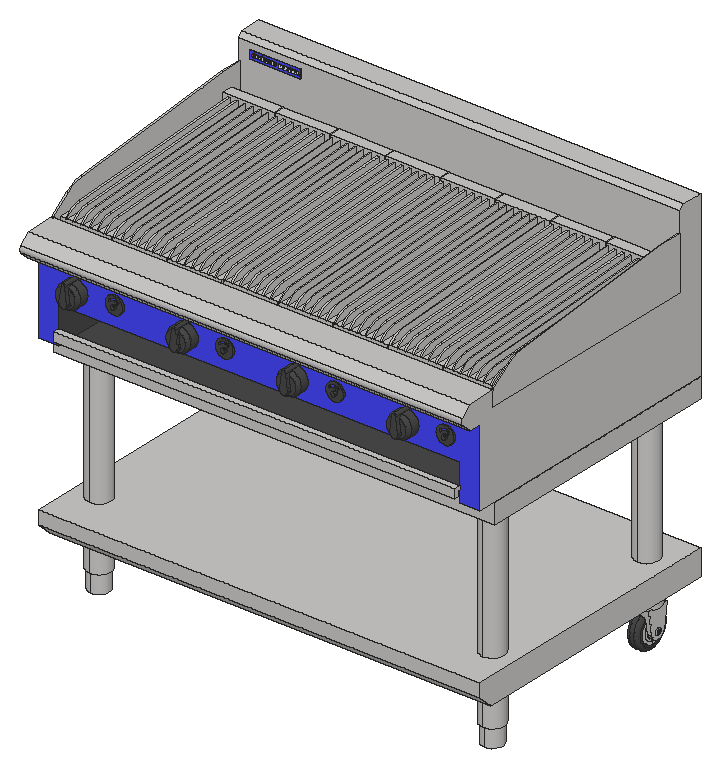
Revit family "QF_MOFFAT_BLUESEAL_CE_G598-LS", category Specialty Equipment, Revit 2012
Parameters
  Weight in Pounds = 499  # constant formula
  URL Cutsheet = "www.moffat.com"
  URL = "www.moffat.com"
  Type Mark [instance] = ""
  Status [instance] = ""
  Specification by User [instance] = ""
  Specification by Manufacturer = ""
  Show Logo [instance] = yes
  Show Casters [instance] = yes
  Serial Number = ""
  Seismic Rating = ""
  SMACNA No = ""
  Revision Code [instance] = ""
  Omniclass Number and Title = ""
  NAFEM Spec ID Number = ""
  Model = "G598-LS"
  Mechanical Remarks [instance] = ""
  Mechanical Connection Type [instance] = ""
  Masterspec = ""
  Manufacturer = "MOFFAT BLUESEAL"
  Legs [instance] = not(Show Casters)  # no
  Item Number [instance] = ""
  Installed By [instance] = ""
  Identify Quantity as Lot [instance] = yes
  Gas Size = 3/4"
  Gas RI Height [instance] = 0 mm
  Gas KW = 39.5
  Gas Input [instance] = 133500.0 Btu/h
  Gas Connection Height = 0 mm
  Furnished By [instance] = ""
  Foodservice Equipment Identifier [instance] = yes
  Description = "1200MM GAS CHARGRILL ON LEG STAND"
  CSI MasterFormat = ""
  CSI Master Format = ""
  Body Finish = QF_Finishes_Stainless Steel
Reference planes
  plane 1 "BACK": y = 0
  plane 2: z = 0
  plane 3 "LEFT": x = 0
  plane 4 "RIGHT": x = 1200
  plane 5 "FRONT": y = -812
  plane 6 "TOP": z = 972
  plane 7 "Center Y": x = 600
  plane 8 "Center X": y = -406
  plane 9: z = 970
  plane 10: z = 1085
  plane 11: y = -100
  plane 12: y = -625
  plane 13: x = 65.5
  plane 14: x = 1134.5
Forms (mm)
  Extrusion 1, solid, material "QF_Finishes_Stainless Steel" <- "Body Finish"
    sketch origin (0, 0, 0) x (0, 1, 0) y (0, 0, 1)
      loop
        line (0, 222.5) -> (-749, 222.5) -> (-749, 186) -> (-713, 150) -> (0, 150) -> (0, 222.5)
      loop
        line (0, 640) -> (0, 1085) -> (-57.5, 1085) -> (-70, 1072.5) -> (-70, 875) -> (-705, 875) -> (-705, 915) -> (-783.97, 915) -> (-808.485, 890.485)
        arc (-808.485, 890.485) -> (-811.999, 882) -> (-808.485, 873.515) r 12
        line (-808.485, 873.515) -> (-784.97, 850) -> (-749, 850) -> (-749, 640) -> (0, 640)
      loop
        line (0, 585) -> (0, 639.206) -> (-699, 639.206) -> (-699, 585) -> (0, 585)
    from 0 to 1200
  Revolve 2, solid, material "QF_Finishes_Stainless Steel" <- "Body Finish"
    sketch origin (1134.5, -735, 0) x (0, 1, 0) y (0, 0, -1)
      loop
        line (78.25, -150) -> (110, -150) -> (110, 0) -> (82.5, 0) -> (82.5, -50) -> (78.25, -50) -> (78.25, -150)
      loop
        line (78.25, -222.5) -> (78.25, -585) -> (110, -585) -> (110, -222.5) -> (78.25, -222.5)
      axis (110, -585) -> (110, 0)
    angle from 0 to 360
  Revolve 3, solid, material "QF_Finishes_Stainless Steel" <- "Body Finish"
    sketch origin (65, -735, 0) x (0, 1, 0) y (0, 0, 1)
      loop
        line (78.25, 150) -> (78.25, 50) -> (82.5, 50) -> (82.5, 0) -> (110, 0) -> (110, 150) -> (78.25, 150)
      loop
        line (78.25, 222.5) -> (110, 222.5) -> (110, 585) -> (78.25, 585) -> (78.25, 222.5)
      axis (110, 585) -> (110, 0)
    angle from 0 to 360
  Revolve 4, solid, material "QF_Finishes_Stainless Steel" <- "Body Finish"
    sketch origin (65, -210, 0) x (0, 1, 0) y (0, 0, 1)
      loop
        line (78.25, 222.5) -> (110, 222.5) -> (110, 585) -> (78.25, 585) -> (78.25, 222.5)
      axis (110, 585) -> (110, 222.5)
    angle from 0 to 360
  Extrusion 5, solid, material "QF_Finishes_Stainless Steel" <- "Body Finish"
    sketch origin (0, 0, 157.388) x (0, 1, 0) y (0, 0, 1)
      loop
        line (-70, 717) -> (-70, 860.112) -> (-127.045, 860.112) -> (-604.53, 814.135)
        arc (-604.53, 814.135) -> (-629.557, 808.415) -> (-652.303, 796.511) r 100
        line (-652.303, 796.511) -> (-705, 759.612) -> (-705, 717) -> (-70, 717)
    from 0 to 4.5
  Extrusion 6, solid, material "QF_Finishes_Stainless Steel" <- "Body Finish"
    sketch origin (1200, 0, 0) x (0, -1, 0) y (0, 0, 1)
      loop
        line (70, 874.388) -> (705, 874.388) -> (705, 917) -> (652.303, 953.899)
        arc (652.303, 953.899) -> (629.557, 965.803) -> (604.53, 971.523) r 100
        line (604.53, 971.523) -> (127.045, 1017.5) -> (70, 1017.5) -> (70, 874.388)
    from 0 to 3
  Revolve 7, solid, material "QF_Finishes_Black"
    sketch origin (108, 7, 155.8) x (0, 1, 0) y (0, 0, 1)
      loop
        line (-789, 671.5) -> (-800, 665.651) -> (-800, 639) -> (-756, 639) -> (-756, 644) -> (-766, 644) -> (-766, 671.5) -> (-789, 671.5)
      axis (-800, 639) -> (-756, 639)
    angle from 0 to 360
  Extrusion 8, solid, material "QF_Finishes_Black"
    sketch origin (-30.113, 7, 155.8) x (1, 0, 0) y (0, 0, 1)
      loop
        line (148.532, 628.195) -> (143.111, 671.113)
        arc (143.111, 671.113) -> (138.113, 676) -> (133.114, 671.113) r 5
        line (133.114, 671.113) -> (127.625, 627.028)
        arc (127.625, 627.028) -> (138.697, 616.529) -> (148.532, 628.195) r 10.487
    from 759 to 808
  Extrusion 9, solid, material "QF_Finishes_Stainless Steel"
    sketch origin (276, 0, 158) x (0, 1, 0) y (0, 0, 1)
      loop
        line (-132, 752.364) -> (-132, 804.849) -> (-637.852, 774.53)
        arc (-637.852, 774.53) -> (-663.098, 767.97) -> (-684, 752.364) r 67.81
        line (-684, 752.364) -> (-132, 752.364)
    from 0 to 4.5
  Extrusion 10, solid, material "QF_Finishes_Stainless Steel"
    sketch origin (255, 0, 158) x (0, 1, 0) y (0, 0, 1)
      loop
        line (-132, 752.364) -> (-132, 804.849) -> (-637.852, 774.53)
        arc (-637.852, 774.53) -> (-663.098, 767.97) -> (-684, 752.364) r 67.81
        line (-684, 752.364) -> (-132, 752.364)
    from 0 to 4.5
  Extrusion 11, solid, material "QF_Finishes_Stainless Steel"
    sketch origin (234, 0, 158) x (0, 1, 0) y (0, 0, 1)
      loop
        line (-132, 752.364) -> (-132, 804.849) -> (-637.852, 774.53)
        arc (-637.852, 774.53) -> (-663.098, 767.97) -> (-684, 752.364) r 67.81
        line (-684, 752.364) -> (-132, 752.364)
    from 0 to 4.5
  Extrusion 12, solid, material "QF_Finishes_Stainless Steel"
    sketch origin (213, 0, 158) x (0, 1, 0) y (0, 0, 1)
      loop
        line (-132, 752.364) -> (-132, 804.849) -> (-637.852, 774.53)
        arc (-637.852, 774.53) -> (-663.098, 767.97) -> (-684, 752.364) r 67.81
        line (-684, 752.364) -> (-132, 752.364)
    from 0 to 4.5
  Extrusion 13, solid, material "QF_Finishes_Stainless Steel"
    sketch origin (192, 0, 158) x (0, 1, 0) y (0, 0, 1)
      loop
        line (-132, 752.364) -> (-132, 804.849) -> (-637.852, 774.53)
        arc (-637.852, 774.53) -> (-663.098, 767.97) -> (-684, 752.364) r 67.81
        line (-684, 752.364) -> (-132, 752.364)
    from 0 to 4.5
  Extrusion 14, solid, material "QF_Finishes_Stainless Steel"
    sketch origin (171, 0, 158) x (0, 1, 0) y (0, 0, 1)
      loop
        line (-132, 752.364) -> (-132, 804.849) -> (-637.852, 774.53)
        arc (-637.852, 774.53) -> (-663.098, 767.97) -> (-684, 752.364) r 67.81
        line (-684, 752.364) -> (-132, 752.364)
    from 0 to 4.5
  Extrusion 15, solid, material "QF_Finishes_Stainless Steel"
    sketch origin (150, 0, 158) x (0, 1, 0) y (0, 0, 1)
      loop
        line (-132, 752.364) -> (-132, 804.849) -> (-637.852, 774.53)
        arc (-637.852, 774.53) -> (-663.098, 767.97) -> (-684, 752.364) r 67.81
        line (-684, 752.364) -> (-132, 752.364)
    from 0 to 4.5
  Extrusion 16, solid, material "QF_Finishes_Stainless Steel"
    sketch origin (126, 0, 158) x (0, 1, 0) y (0, 0, 1)
      loop
        line (-132, 752.364) -> (-132, 804.849) -> (-637.852, 774.53)
        arc (-637.852, 774.53) -> (-663.098, 767.97) -> (-684, 752.364) r 67.81
        line (-684, 752.364) -> (-132, 752.364)
    from 0 to 4.5
  Extrusion 17, solid, material "QF_Finishes_Stainless Steel"
    sketch origin (105, 0, 158) x (0, 1, 0) y (0, 0, 1)
      loop
        line (-132, 752.364) -> (-132, 804.849) -> (-637.852, 774.53)
        arc (-637.852, 774.53) -> (-663.098, 767.97) -> (-684, 752.364) r 67.81
        line (-684, 752.364) -> (-132, 752.364)
    from 0 to 4.5
  Extrusion 18, solid, material "QF_Finishes_Stainless Steel"
    sketch origin (84, 0, 158) x (0, 1, 0) y (0, 0, 1)
      loop
        line (-132, 752.364) -> (-132, 804.849) -> (-637.852, 774.53)
        arc (-637.852, 774.53) -> (-663.098, 767.97) -> (-684, 752.364) r 67.81
        line (-684, 752.364) -> (-132, 752.364)
    from 0 to 4.5
  Extrusion 19, solid, material "QF_Finishes_Stainless Steel"
    sketch origin (63, 0, 158) x (0, 1, 0) y (0, 0, 1)
      loop
        line (-132, 752.364) -> (-132, 804.849) -> (-637.852, 774.53)
        arc (-637.852, 774.53) -> (-663.098, 767.97) -> (-684, 752.364) r 67.81
        line (-684, 752.364) -> (-132, 752.364)
    from 0 to 4.5
  Extrusion 20, solid, material "QF_Finishes_Stainless Steel"
    sketch origin (42, 0, 158) x (0, 1, 0) y (0, 0, 1)
      loop
        line (-132, 752.364) -> (-132, 804.849) -> (-637.852, 774.53)
        arc (-637.852, 774.53) -> (-663.098, 767.97) -> (-684, 752.364) r 67.81
        line (-684, 752.364) -> (-132, 752.364)
    from 0 to 4.5
  Extrusion 21, solid, material "QF_Finishes_Stainless Steel"
    sketch origin (21, 0, 158) x (0, 1, 0) y (0, 0, 1)
      loop
        line (-132, 752.364) -> (-132, 804.849) -> (-637.852, 774.53)
        arc (-637.852, 774.53) -> (-663.098, 767.97) -> (-684, 752.364) r 67.81
        line (-684, 752.364) -> (-132, 752.364)
    from 0 to 4.5
  Extrusion 22, solid, material "QF_Finishes_Stainless Steel"
    sketch origin (426, 0, 158) x (0, 1, 0) y (0, 0, 1)
      loop
        line (-132, 752.364) -> (-132, 804.849) -> (-637.852, 774.53)
        arc (-637.852, 774.53) -> (-663.098, 767.97) -> (-684, 752.364) r 67.81
        line (-684, 752.364) -> (-132, 752.364)
    from 0 to 4.5
  Extrusion 23, solid, material "QF_Finishes_Stainless Steel"
    sketch origin (405, 0, 158) x (0, 1, 0) y (0, 0, 1)
      loop
        line (-132, 752.364) -> (-132, 804.849) -> (-637.852, 774.53)
        arc (-637.852, 774.53) -> (-663.098, 767.97) -> (-684, 752.364) r 67.81
        line (-684, 752.364) -> (-132, 752.364)
    from 0 to 4.5
  Extrusion 24, solid, material "QF_Finishes_Stainless Steel"
    sketch origin (384, 0, 158) x (0, 1, 0) y (0, 0, 1)
      loop
        line (-132, 752.364) -> (-132, 804.849) -> (-637.852, 774.53)
        arc (-637.852, 774.53) -> (-663.098, 767.97) -> (-684, 752.364) r 67.81
        line (-684, 752.364) -> (-132, 752.364)
    from 0 to 4.5
  Extrusion 25, solid, material "QF_Finishes_Stainless Steel"
    sketch origin (363, 0, 158) x (0, 1, 0) y (0, 0, 1)
      loop
        line (-132, 752.364) -> (-132, 804.849) -> (-637.852, 774.53)
        arc (-637.852, 774.53) -> (-663.098, 767.97) -> (-684, 752.364) r 67.81
        line (-684, 752.364) -> (-132, 752.364)
    from 0 to 4.5
  Extrusion 26, solid, material "QF_Finishes_Stainless Steel"
    sketch origin (342, 0, 158) x (0, 1, 0) y (0, 0, 1)
      loop
        line (-132, 752.364) -> (-132, 804.849) -> (-637.852, 774.53)
        arc (-637.852, 774.53) -> (-663.098, 767.97) -> (-684, 752.364) r 67.81
        line (-684, 752.364) -> (-132, 752.364)
    from 0 to 4.5
  Extrusion 27, solid, material "QF_Finishes_Stainless Steel"
    sketch origin (321, 0, 158) x (0, 1, 0) y (0, 0, 1)
      loop
        line (-132, 752.364) -> (-132, 804.849) -> (-637.852, 774.53)
        arc (-637.852, 774.53) -> (-663.098, 767.97) -> (-684, 752.364) r 67.81
        line (-684, 752.364) -> (-132, 752.364)
    from 0 to 4.5
  Extrusion 28, solid, material "QF_Finishes_Stainless Steel"
    sketch origin (300, 0, 158) x (0, 1, 0) y (0, 0, 1)
      loop
        line (-132, 752.364) -> (-132, 804.849) -> (-637.852, 774.53)
        arc (-637.852, 774.53) -> (-663.098, 767.97) -> (-684, 752.364) r 67.81
        line (-684, 752.364) -> (-132, 752.364)
    from 0 to 4.5
  Extrusion 29, solid, material "QF_Finishes_Stainless Steel"
    sketch origin (576, 0, 158) x (0, 1, 0) y (0, 0, 1)
      loop
        line (-132, 752.364) -> (-132, 804.849) -> (-637.852, 774.53)
        arc (-637.852, 774.53) -> (-663.098, 767.97) -> (-684, 752.364) r 67.81
        line (-684, 752.364) -> (-132, 752.364)
    from 0 to 4.5
  Extrusion 30, solid, material "QF_Finishes_Stainless Steel"
    sketch origin (555, 0, 158) x (0, 1, 0) y (0, 0, 1)
      loop
        line (-132, 752.364) -> (-132, 804.849) -> (-637.852, 774.53)
        arc (-637.852, 774.53) -> (-663.098, 767.97) -> (-684, 752.364) r 67.81
        line (-684, 752.364) -> (-132, 752.364)
    from 0 to 4.5
  Extrusion 31, solid, material "QF_Finishes_Stainless Steel"
    sketch origin (534, 0, 158) x (0, 1, 0) y (0, 0, 1)
      loop
        line (-132, 752.364) -> (-132, 804.849) -> (-637.852, 774.53)
        arc (-637.852, 774.53) -> (-663.098, 767.97) -> (-684, 752.364) r 67.81
        line (-684, 752.364) -> (-132, 752.364)
    from 0 to 4.5
  Extrusion 32, solid, material "QF_Finishes_Stainless Steel"
    sketch origin (513, 0, 158) x (0, 1, 0) y (0, 0, 1)
      loop
        line (-132, 752.364) -> (-132, 804.849) -> (-637.852, 774.53)
        arc (-637.852, 774.53) -> (-663.098, 767.97) -> (-684, 752.364) r 67.81
        line (-684, 752.364) -> (-132, 752.364)
    from 0 to 4.5
  Extrusion 33, solid, material "QF_Finishes_Stainless Steel"
    sketch origin (492, 0, 158) x (0, 1, 0) y (0, 0, 1)
      loop
        line (-132, 752.364) -> (-132, 804.849) -> (-637.852, 774.53)
        arc (-637.852, 774.53) -> (-663.098, 767.97) -> (-684, 752.364) r 67.81
        line (-684, 752.364) -> (-132, 752.364)
    from 0 to 4.5
  Extrusion 34, solid, material "QF_Finishes_Stainless Steel"
    sketch origin (471, 0, 158) x (0, 1, 0) y (0, 0, 1)
      loop
        line (-132, 752.364) -> (-132, 804.849) -> (-637.852, 774.53)
        arc (-637.852, 774.53) -> (-663.098, 767.97) -> (-684, 752.364) r 67.81
        line (-684, 752.364) -> (-132, 752.364)
    from 0 to 4.5
  Extrusion 35, solid, material "QF_Finishes_Stainless Steel"
    sketch origin (450, 0, 158) x (0, 1, 0) y (0, 0, 1)
      loop
        line (-132, 752.364) -> (-132, 804.849) -> (-637.852, 774.53)
        arc (-637.852, 774.53) -> (-663.098, 767.97) -> (-684, 752.364) r 67.81
        line (-684, 752.364) -> (-132, 752.364)
    from 0 to 4.5
  Extrusion 36, solid, material "QF_Finishes_Stainless Steel"
    sketch origin (0, 3, 0) x (1, 0, 0) y (0, 1, 0)
      loop
        circle (216, -34) r 13.5
    from 553 to 585
  Extrusion 37, solid, material "QF_Finishes_Stainless Steel"
    sketch origin (0, 0, 158) x (0, 1, 0) y (0, 0, 1)
      loop
        line (-132, 752.364) -> (-684, 752.364) -> (-684, 717) -> (-102, 717) -> (-102, 812) -> (-132, 812) -> (-132, 752.364)
    from 4.5 to 147
  Extrusion 38, solid, material "QF_Finishes_Stainless Steel"
    sketch origin (145.5, 0, 158) x (0, 1, 0) y (0, 0, 1)
      loop
        line (-132, 752.364) -> (-684, 752.364) -> (-684, 717) -> (-102, 717) -> (-102, 812) -> (-132, 812) -> (-132, 752.364)
    from 4.5 to 151.5
  Extrusion 39, solid, material "QF_Finishes_Stainless Steel"
    sketch origin (295.5, 0, 158) x (0, 1, 0) y (0, 0, 1)
      loop
        line (-132, 752.364) -> (-684, 752.364) -> (-684, 717) -> (-102, 717) -> (-102, 812) -> (-132, 812) -> (-132, 752.364)
    from 4.5 to 151.5
  Extrusion 40, solid, material "QF_Finishes_Stainless Steel"
    sketch origin (445.5, 0, 158) x (0, 1, 0) y (0, 0, 1)
      loop
        line (-132, 752.364) -> (-684, 752.364) -> (-684, 717) -> (-102, 717) -> (-102, 812) -> (-132, 812) -> (-132, 752.364)
    from 4.5 to 151.5
  Extrusion 41, solid, material "QF_Finishes_Black"
    sketch origin (0, -749, 850) x (0, 0, -1) y (1, 0, 0)
      loop
        circle (55.799, 208) r 23.9
      loop
        arc (48.44, 216.419) -> (49.3, 221.219) -> (44.5, 222.079) r 3.448
        arc (44.5, 222.079) -> (37.915, 207.341) -> (45.718, 193.209) r 18.095
        arc (45.718, 193.209) -> (50.44, 194.491) -> (49.125, 199.204) r 3.448
        arc (49.125, 199.204) -> (45.557, 207.683) -> (48.44, 216.419) r 13.109
      loop
        circle (55.799, 1108) r 23.9
      loop
        arc (44.5, 1122.079) -> (37.915, 1107.341) -> (45.718, 1093.209) r 18.095
        arc (45.718, 1093.209) -> (50.44, 1094.491) -> (49.125, 1099.204) r 3.448
        arc (49.125, 1099.204) -> (45.557, 1107.683) -> (48.44, 1116.419) r 13.109
        arc (48.44, 1116.419) -> (49.3, 1121.219) -> (44.5, 1122.079) r 3.448
      loop
        circle (55.799, 508) r 23.9
      loop
        arc (48.44, 516.419) -> (49.3, 521.219) -> (44.5, 522.079) r 3.448
        arc (44.5, 522.079) -> (37.915, 507.341) -> (45.718, 493.209) r 18.095
        arc (45.718, 493.209) -> (50.44, 494.491) -> (49.125, 499.204) r 3.448
        arc (49.125, 499.204) -> (45.557, 507.683) -> (48.44, 516.419) r 13.109
      loop
        circle (55.799, 808) r 23.9
      loop
        arc (48.44, 816.419) -> (49.3, 821.219) -> (44.5, 822.079) r 3.448
        arc (44.5, 822.079) -> (37.915, 807.341) -> (45.718, 793.209) r 18.095
        arc (45.718, 793.209) -> (50.44, 794.491) -> (49.125, 799.204) r 3.448
        arc (49.125, 799.204) -> (45.557, 807.683) -> (48.44, 816.419) r 13.109
    from 0 to 4
  Extrusion 42, solid, material "QF_Finishes_Black"
    sketch origin (0, -753, 850) x (0, 0, -1) y (1, 0, 0)
      loop
        circle (59.299, 208) r 5.75
      loop
        circle (59.299, 508) r 5.75
      loop
        circle (59.299, 808) r 5.75
      loop
        circle (59.299, 1108) r 5.75
    from 0 to 5
  Revolve 43, solid, material "QF_Finishes_Black"
    sketch origin (408, 7, 155.8) x (0, 1, 0) y (0, 0, 1)
      loop
        line (-789, 671.5) -> (-800, 665.651) -> (-800, 639) -> (-756, 639) -> (-756, 644) -> (-766, 644) -> (-766, 671.5) -> (-789, 671.5)
      axis (-800, 639) -> (-756, 639)
    angle from 0 to 360
  Extrusion 44, solid, material "QF_Finishes_Black"
    sketch origin (269.887, 7, 155.8) x (1, 0, 0) y (0, 0, 1)
      loop
        line (148.532, 628.195) -> (143.111, 671.113)
        arc (143.111, 671.113) -> (138.113, 676) -> (133.114, 671.113) r 5
        line (133.114, 671.113) -> (127.625, 627.028)
        arc (127.625, 627.028) -> (138.697, 616.529) -> (148.532, 628.195) r 10.487
    from 759 to 808
  Extrusion 45, void
    sketch origin (0, -749, 850) x (0, 0, 1) y (1, 0, 0)
      loop
        line (-210, 1145) -> (-210, 55) -> (-110, 55) -> (-110, 1145) -> (-210, 1145)
    from 0 to 250
  Extrusion 46, solid, material "QF_Finishes_Stainless Steel"
    sketch origin (55, -749, 150) x (0, 0, 1) y (0, -1, 0)
      loop
        line (506.797, 15.924) -> (506.797, 5.924) -> (521.797, 5.924) -> (521.797, -31.346) -> (490, -31.346) -> (490, -50) -> (531.797, -50) -> (531.797, 15.924) -> (506.797, 15.924)
    from 0 to 1090
  Revolve 47, solid, material "QF_Finishes_Stainless Steel", visible <- "Legs"
    sketch origin (65.5, -166, 0) x (0, 1, 0) y (0, 0, 1)
      loop
        line (34.25, 150) -> (34.25, 50) -> (38.5, 50) -> (38.5, 0) -> (66, 0) -> (66, 150) -> (34.25, 150)
      axis (66, 150) -> (66, 0)
    angle from 0 to 360
  Revolve 48, solid, material "QF_Finishes_Stainless Steel", visible <- "Show Casters"
    sketch origin (16.276, -100.755, -13.653) x (1, 0, 0) y (0, 0, 1)
      loop
        line (14.841, 63.604) -> (83.584, 63.604) -> (83.584, 67.109) -> (82.314, 68.379) -> (80.79, 68.379) -> (80.79, 71.826) -> (68.644, 71.826) -> (68.644, 81.79) -> (65.088, 83.843) -> (63.738, 92.179) -> (65.881, 92.179) -> (65.881, 98.529) -> (65.088, 98.529) -> (65.088, 104.879)
        arc (65.088, 104.879) -> (62.298, 111.614) -> (55.563, 114.404) r 9.525
        line (55.563, 114.404) -> (42.863, 114.404)
        arc (42.863, 114.404) -> (36.127, 111.614) -> (33.338, 104.879) r 9.525
        line (33.338, 104.879) -> (33.338, 98.529) -> (32.544, 98.529) -> (32.544, 92.179) -> (34.687, 92.179) -> (33.352, 83.932) -> (29.782, 81.871) -> (29.782, 71.826) -> (17.635, 71.826) -> (17.635, 68.379) -> (16.111, 68.379) -> (14.841, 67.109) -> (14.841, 63.604)
      axis (14.841, 63.604) -> (83.584, 63.604)
    angle from 0 to 360
  Extrusion 49, solid, material "QF_Finishes_Stainless Steel", visible <- "Show Casters"
    sketch origin (72.001, 132.353, -8.783) x (0, 1, 0) y (0, 0, 1)
      loop
        line (-200.603, 118.783) -> (-264.103, 118.783) -> (-251.746, 53.895)
        arc (-251.746, 53.895) -> (-232.353, 38.783) -> (-212.959, 53.895) r 20
        line (-212.959, 53.895) -> (-200.603, 118.783)
    from -35.667 to 22.923
  Revolve 50, solid, material "QF_Finishes_Stainless Steel", visible <- "Show Casters"
    sketch origin (65.5, -204, 0) x (0, 1, 0) y (0, 0, 1)
      loop
        line (68.25, 150) -> (68.25, 110) -> (104, 110) -> (104, 150) -> (68.25, 150)
      axis (104, 150) -> (104, 110)
    angle from 0 to 360
  Revolve 51, solid, material "QF_Finishes_Stainless Steel", visible <- "Legs"
    sketch origin (65.5, -166, 0) x (0, 1, 0) y (0, 0, 1)
      loop
        line (34.25, 150) -> (34.25, 50) -> (38.5, 50) -> (38.5, 0) -> (66, 0) -> (66, 150) -> (34.25, 150)
      axis (66, 150) -> (66, 0)
    angle from 0 to 360
  Extrusion 52, solid, material "QF_Finishes_Stainless Steel"
    sketch origin (726, 0, 158) x (0, 1, 0) y (0, 0, 1)
      loop
        line (-132, 752.364) -> (-132, 804.849) -> (-637.852, 774.53)
        arc (-637.852, 774.53) -> (-663.098, 767.97) -> (-684, 752.364) r 67.81
        line (-684, 752.364) -> (-132, 752.364)
    from 0 to 4.5
  Extrusion 53, solid, material "QF_Finishes_Stainless Steel"
    sketch origin (705, 0, 158) x (0, 1, 0) y (0, 0, 1)
      loop
        line (-132, 752.364) -> (-132, 804.849) -> (-637.852, 774.53)
        arc (-637.852, 774.53) -> (-663.098, 767.97) -> (-684, 752.364) r 67.81
        line (-684, 752.364) -> (-132, 752.364)
    from 0 to 4.5
  Extrusion 54, solid, material "QF_Finishes_Stainless Steel"
    sketch origin (684, 0, 158) x (0, 1, 0) y (0, 0, 1)
      loop
        line (-132, 752.364) -> (-132, 804.849) -> (-637.852, 774.53)
        arc (-637.852, 774.53) -> (-663.098, 767.97) -> (-684, 752.364) r 67.81
        line (-684, 752.364) -> (-132, 752.364)
    from 0 to 4.5
  Extrusion 55, solid, material "QF_Finishes_Stainless Steel"
    sketch origin (663, 0, 158) x (0, 1, 0) y (0, 0, 1)
      loop
        line (-132, 752.364) -> (-132, 804.849) -> (-637.852, 774.53)
        arc (-637.852, 774.53) -> (-663.098, 767.97) -> (-684, 752.364) r 67.81
        line (-684, 752.364) -> (-132, 752.364)
    from 0 to 4.5
  Extrusion 56, solid, material "QF_Finishes_Stainless Steel"
    sketch origin (642, 0, 158) x (0, 1, 0) y (0, 0, 1)
      loop
        line (-132, 752.364) -> (-132, 804.849) -> (-637.852, 774.53)
        arc (-637.852, 774.53) -> (-663.098, 767.97) -> (-684, 752.364) r 67.81
        line (-684, 752.364) -> (-132, 752.364)
    from 0 to 4.5
  Extrusion 57, solid, material "QF_Finishes_Stainless Steel"
    sketch origin (621, 0, 158) x (0, 1, 0) y (0, 0, 1)
      loop
        line (-132, 752.364) -> (-132, 804.849) -> (-637.852, 774.53)
        arc (-637.852, 774.53) -> (-663.098, 767.97) -> (-684, 752.364) r 67.81
        line (-684, 752.364) -> (-132, 752.364)
    from 0 to 4.5
  Extrusion 58, solid, material "QF_Finishes_Stainless Steel"
    sketch origin (600, 0, 158) x (0, 1, 0) y (0, 0, 1)
      loop
        line (-132, 752.364) -> (-132, 804.849) -> (-637.852, 774.53)
        arc (-637.852, 774.53) -> (-663.098, 767.97) -> (-684, 752.364) r 67.81
        line (-684, 752.364) -> (-132, 752.364)
    from 0 to 4.5
  Extrusion 59, solid, material "QF_Finishes_Stainless Steel"
    sketch origin (595.5, 0, 158) x (0, 1, 0) y (0, 0, 1)
      loop
        line (-132, 752.364) -> (-684, 752.364) -> (-684, 717) -> (-102, 717) -> (-102, 812) -> (-132, 812) -> (-132, 752.364)
    from 4.5 to 151.5
  Extrusion 60, solid, material "QF_Finishes_Stainless Steel"
    sketch origin (876, 0, 158) x (0, 1, 0) y (0, 0, 1)
      loop
        line (-132, 752.364) -> (-132, 804.849) -> (-637.852, 774.53)
        arc (-637.852, 774.53) -> (-663.098, 767.97) -> (-684, 752.364) r 67.81
        line (-684, 752.364) -> (-132, 752.364)
    from 0 to 4.5
  Extrusion 61, solid, material "QF_Finishes_Stainless Steel"
    sketch origin (855, 0, 158) x (0, 1, 0) y (0, 0, 1)
      loop
        line (-132, 752.364) -> (-132, 804.849) -> (-637.852, 774.53)
        arc (-637.852, 774.53) -> (-663.098, 767.97) -> (-684, 752.364) r 67.81
        line (-684, 752.364) -> (-132, 752.364)
    from 0 to 4.5
  Extrusion 62, solid, material "QF_Finishes_Stainless Steel"
    sketch origin (834, 0, 158) x (0, 1, 0) y (0, 0, 1)
      loop
        line (-132, 752.364) -> (-132, 804.849) -> (-637.852, 774.53)
        arc (-637.852, 774.53) -> (-663.098, 767.97) -> (-684, 752.364) r 67.81
        line (-684, 752.364) -> (-132, 752.364)
    from 0 to 4.5
  Extrusion 63, solid, material "QF_Finishes_Stainless Steel"
    sketch origin (813, 0, 158) x (0, 1, 0) y (0, 0, 1)
      loop
        line (-132, 752.364) -> (-132, 804.849) -> (-637.852, 774.53)
        arc (-637.852, 774.53) -> (-663.098, 767.97) -> (-684, 752.364) r 67.81
        line (-684, 752.364) -> (-132, 752.364)
    from 0 to 4.5
  Extrusion 64, solid, material "QF_Finishes_Stainless Steel"
    sketch origin (792, 0, 158) x (0, 1, 0) y (0, 0, 1)
      loop
        line (-132, 752.364) -> (-132, 804.849) -> (-637.852, 774.53)
        arc (-637.852, 774.53) -> (-663.098, 767.97) -> (-684, 752.364) r 67.81
        line (-684, 752.364) -> (-132, 752.364)
    from 0 to 4.5
  Extrusion 65, solid, material "QF_Finishes_Stainless Steel"
    sketch origin (771, 0, 158) x (0, 1, 0) y (0, 0, 1)
      loop
        line (-132, 752.364) -> (-132, 804.849) -> (-637.852, 774.53)
        arc (-637.852, 774.53) -> (-663.098, 767.97) -> (-684, 752.364) r 67.81
        line (-684, 752.364) -> (-132, 752.364)
    from 0 to 4.5
  Extrusion 66, solid, material "QF_Finishes_Stainless Steel"
    sketch origin (750, 0, 158) x (0, 1, 0) y (0, 0, 1)
      loop
        line (-132, 752.364) -> (-132, 804.849) -> (-637.852, 774.53)
        arc (-637.852, 774.53) -> (-663.098, 767.97) -> (-684, 752.364) r 67.81
        line (-684, 752.364) -> (-132, 752.364)
    from 0 to 4.5
  Extrusion 67, solid, material "QF_Finishes_Stainless Steel"
    sketch origin (745.5, 0, 158) x (0, 1, 0) y (0, 0, 1)
      loop
        line (-132, 752.364) -> (-684, 752.364) -> (-684, 717) -> (-102, 717) -> (-102, 812) -> (-132, 812) -> (-132, 752.364)
    from 4.5 to 151.5
  Extrusion 68, void
    sketch origin (0, -749, 850) x (0, 0, 1) y (1, 0, 0)
      loop
        line (-210, 1145) -> (-210, 55) -> (-110, 55) -> (-110, 1145) -> (-210, 1145)
    from 0 to 250
  Revolve 69, solid, material "QF_Finishes_Black"
    sketch origin (708, 7, 155.8) x (0, 1, 0) y (0, 0, 1)
      loop
        line (-789, 671.5) -> (-800, 665.651) -> (-800, 639) -> (-756, 639) -> (-756, 644) -> (-766, 644) -> (-766, 671.5) -> (-789, 671.5)
      axis (-800, 639) -> (-756, 639)
    angle from 0 to 360
  Extrusion 70, solid, material "QF_Finishes_Black"
    sketch origin (569.887, 7, 155.8) x (1, 0, 0) y (0, 0, 1)
      loop
        line (148.532, 628.195) -> (143.111, 671.113)
        arc (143.111, 671.113) -> (138.113, 676) -> (133.114, 671.113) r 5
        line (133.114, 671.113) -> (127.625, 627.028)
        arc (127.625, 627.028) -> (138.697, 616.529) -> (148.532, 628.195) r 10.487
    from 759 to 808
  Extrusion 71, solid, material "QF_Finishes_Stainless Steel"
    sketch origin (1026, 0, 158) x (0, 1, 0) y (0, 0, 1)
      loop
        line (-132, 752.364) -> (-132, 804.849) -> (-637.852, 774.53)
        arc (-637.852, 774.53) -> (-663.098, 767.97) -> (-684, 752.364) r 67.81
        line (-684, 752.364) -> (-132, 752.364)
    from 0 to 4.5
  Extrusion 72, solid, material "QF_Finishes_Stainless Steel"
    sketch origin (1005, 0, 158) x (0, 1, 0) y (0, 0, 1)
      loop
        line (-132, 752.364) -> (-132, 804.849) -> (-637.852, 774.53)
        arc (-637.852, 774.53) -> (-663.098, 767.97) -> (-684, 752.364) r 67.81
        line (-684, 752.364) -> (-132, 752.364)
    from 0 to 4.5
  Extrusion 73, solid, material "QF_Finishes_Stainless Steel"
    sketch origin (984, 0, 158) x (0, 1, 0) y (0, 0, 1)
      loop
        line (-132, 752.364) -> (-132, 804.849) -> (-637.852, 774.53)
        arc (-637.852, 774.53) -> (-663.098, 767.97) -> (-684, 752.364) r 67.81
        line (-684, 752.364) -> (-132, 752.364)
    from 0 to 4.5
  Extrusion 74, solid, material "QF_Finishes_Stainless Steel"
    sketch origin (963, 0, 158) x (0, 1, 0) y (0, 0, 1)
      loop
        line (-132, 752.364) -> (-132, 804.849) -> (-637.852, 774.53)
        arc (-637.852, 774.53) -> (-663.098, 767.97) -> (-684, 752.364) r 67.81
        line (-684, 752.364) -> (-132, 752.364)
    from 0 to 4.5
  Extrusion 75, solid, material "QF_Finishes_Stainless Steel"
    sketch origin (942, 0, 158) x (0, 1, 0) y (0, 0, 1)
      loop
        line (-132, 752.364) -> (-132, 804.849) -> (-637.852, 774.53)
        arc (-637.852, 774.53) -> (-663.098, 767.97) -> (-684, 752.364) r 67.81
        line (-684, 752.364) -> (-132, 752.364)
    from 0 to 4.5
  Extrusion 76, solid, material "QF_Finishes_Stainless Steel"
    sketch origin (921, 0, 158) x (0, 1, 0) y (0, 0, 1)
      loop
        line (-132, 752.364) -> (-132, 804.849) -> (-637.852, 774.53)
        arc (-637.852, 774.53) -> (-663.098, 767.97) -> (-684, 752.364) r 67.81
        line (-684, 752.364) -> (-132, 752.364)
    from 0 to 4.5
  Extrusion 77, solid, material "QF_Finishes_Stainless Steel"
    sketch origin (900, 0, 158) x (0, 1, 0) y (0, 0, 1)
      loop
        line (-132, 752.364) -> (-132, 804.849) -> (-637.852, 774.53)
        arc (-637.852, 774.53) -> (-663.098, 767.97) -> (-684, 752.364) r 67.81
        line (-684, 752.364) -> (-132, 752.364)
    from 0 to 4.5
  Extrusion 78, solid, material "QF_Finishes_Stainless Steel"
    sketch origin (895.5, 0, 158) x (0, 1, 0) y (0, 0, 1)
      loop
        line (-132, 752.364) -> (-684, 752.364) -> (-684, 717) -> (-102, 717) -> (-102, 812) -> (-132, 812) -> (-132, 752.364)
    from 4.5 to 151.5
  Extrusion 79, solid, material "QF_Finishes_Stainless Steel"
    sketch origin (1176, 0, 158) x (0, 1, 0) y (0, 0, 1)
      loop
        line (-132, 752.364) -> (-132, 804.849) -> (-637.852, 774.53)
        arc (-637.852, 774.53) -> (-663.098, 767.97) -> (-684, 752.364) r 67.81
        line (-684, 752.364) -> (-132, 752.364)
    from 0 to 4.5
  Extrusion 80, solid, material "QF_Finishes_Stainless Steel"
    sketch origin (1155, 0, 158) x (0, 1, 0) y (0, 0, 1)
      loop
        line (-132, 752.364) -> (-132, 804.849) -> (-637.852, 774.53)
        arc (-637.852, 774.53) -> (-663.098, 767.97) -> (-684, 752.364) r 67.81
        line (-684, 752.364) -> (-132, 752.364)
    from 0 to 4.5
  Extrusion 81, solid, material "QF_Finishes_Stainless Steel"
    sketch origin (1134, 0, 158) x (0, 1, 0) y (0, 0, 1)
      loop
        line (-132, 752.364) -> (-132, 804.849) -> (-637.852, 774.53)
        arc (-637.852, 774.53) -> (-663.098, 767.97) -> (-684, 752.364) r 67.81
        line (-684, 752.364) -> (-132, 752.364)
    from 0 to 4.5
  Extrusion 82, solid, material "QF_Finishes_Stainless Steel"
    sketch origin (1113, 0, 158) x (0, 1, 0) y (0, 0, 1)
      loop
        line (-132, 752.364) -> (-132, 804.849) -> (-637.852, 774.53)
        arc (-637.852, 774.53) -> (-663.098, 767.97) -> (-684, 752.364) r 67.81
        line (-684, 752.364) -> (-132, 752.364)
    from 0 to 4.5
  Extrusion 83, solid, material "QF_Finishes_Stainless Steel"
    sketch origin (1092, 0, 158) x (0, 1, 0) y (0, 0, 1)
      loop
        line (-132, 752.364) -> (-132, 804.849) -> (-637.852, 774.53)
        arc (-637.852, 774.53) -> (-663.098, 767.97) -> (-684, 752.364) r 67.81
        line (-684, 752.364) -> (-132, 752.364)
    from 0 to 4.5
  Extrusion 84, solid, material "QF_Finishes_Stainless Steel"
    sketch origin (1071, 0, 158) x (0, 1, 0) y (0, 0, 1)
      loop
        line (-132, 752.364) -> (-132, 804.849) -> (-637.852, 774.53)
        arc (-637.852, 774.53) -> (-663.098, 767.97) -> (-684, 752.364) r 67.81
        line (-684, 752.364) -> (-132, 752.364)
    from 0 to 4.5
  Extrusion 85, solid, material "QF_Finishes_Stainless Steel"
    sketch origin (1050, 0, 158) x (0, 1, 0) y (0, 0, 1)
      loop
        line (-132, 752.364) -> (-132, 804.849) -> (-637.852, 774.53)
        arc (-637.852, 774.53) -> (-663.098, 767.97) -> (-684, 752.364) r 67.81
        line (-684, 752.364) -> (-132, 752.364)
    from 0 to 4.5
  Extrusion 86, solid, material "QF_Finishes_Stainless Steel"
    sketch origin (1045.5, 0, 158) x (0, 1, 0) y (0, 0, 1)
      loop
        line (-132, 752.364) -> (-684, 752.364) -> (-684, 717) -> (-102, 717) -> (-102, 812) -> (-132, 812) -> (-132, 752.364)
    from 4.5 to 151.5
  Revolve 87, solid, material "QF_Finishes_Stainless Steel" <- "Body Finish"
    sketch origin (1134.871, -210, 0) x (0, 1, 0) y (0, 0, -1)
      loop
        line (78.25, -222.5) -> (78.25, -585) -> (110, -585) -> (110, -222.5) -> (78.25, -222.5)
      axis (110, -585) -> (110, -222.5)
    angle from 0 to 360
  Revolve 88, solid, material "QF_Finishes_Stainless Steel", visible <- "Legs"
    sketch origin (1134.371, -166, 0) x (0, 1, 0) y (0, 0, -1)
      loop
        line (34.25, -150) -> (66, -150) -> (66, 0) -> (38.5, 0) -> (38.5, -50) -> (34.25, -50) -> (34.25, -150)
      axis (66, -150) -> (66, 0)
    angle from 0 to 360
  Revolve 89, solid, material "QF_Finishes_Stainless Steel", visible <- "Show Casters"
    sketch origin (1085.148, -100.755, -13.653) x (1, 0, 0) y (0, 0, 1)
      loop
        line (14.841, 63.604) -> (83.584, 63.604) -> (83.584, 67.109) -> (82.314, 68.379) -> (80.79, 68.379) -> (80.79, 71.826) -> (68.644, 71.826) -> (68.644, 81.79) -> (65.088, 83.843) -> (63.738, 92.179) -> (65.881, 92.179) -> (65.881, 98.529) -> (65.088, 98.529) -> (65.088, 104.879)
        arc (65.088, 104.879) -> (62.298, 111.614) -> (55.563, 114.404) r 9.525
        line (55.563, 114.404) -> (42.863, 114.404)
        arc (42.863, 114.404) -> (36.127, 111.614) -> (33.338, 104.879) r 9.525
        line (33.338, 104.879) -> (33.338, 98.529) -> (32.544, 98.529) -> (32.544, 92.179) -> (34.687, 92.179) -> (33.352, 83.932) -> (29.782, 81.871) -> (29.782, 71.826) -> (17.635, 71.826) -> (17.635, 68.379) -> (16.111, 68.379) -> (14.841, 67.109) -> (14.841, 63.604)
      axis (14.841, 63.604) -> (83.584, 63.604)
    angle from 0 to 360
  Extrusion 90, solid, material "QF_Finishes_Stainless Steel", visible <- "Show Casters"
    sketch origin (1140.872, 132.353, -8.783) x (0, 1, 0) y (0, 0, 1)
      loop
        line (-200.603, 118.783) -> (-264.103, 118.783) -> (-251.746, 53.895)
        arc (-251.746, 53.895) -> (-232.353, 38.783) -> (-212.959, 53.895) r 20
        line (-212.959, 53.895) -> (-200.603, 118.783)
    from -35.667 to 22.923
  Revolve 91, solid, material "QF_Finishes_Stainless Steel", visible <- "Show Casters"
    sketch origin (1134.371, -204, 0) x (0, 1, 0) y (0, 0, 1)
      loop
        line (68.25, 150) -> (68.25, 110) -> (104, 110) -> (104, 150) -> (68.25, 150)
      axis (104, 150) -> (104, 110)
    angle from 0 to 360
  Revolve 92, solid, material "QF_Finishes_Black"
    sketch origin (1008, 7, 155.8) x (0, 1, 0) y (0, 0, 1)
      loop
        line (-789, 671.5) -> (-800, 665.651) -> (-800, 639) -> (-756, 639) -> (-756, 644) -> (-766, 644) -> (-766, 671.5) -> (-789, 671.5)
      axis (-800, 639) -> (-756, 639)
    angle from 0 to 360
  Extrusion 93, solid, material "QF_Finishes_Black"
    sketch origin (869.887, 7, 155.8) x (1, 0, 0) y (0, 0, 1)
      loop
        line (148.532, 628.195) -> (143.111, 671.113)
        arc (143.111, 671.113) -> (138.113, 676) -> (133.114, 671.113) r 5
        line (133.114, 671.113) -> (127.625, 627.028)
        arc (127.625, 627.028) -> (138.697, 616.529) -> (148.532, 628.195) r 10.487
    from 759 to 808
Cuts and joins
  Extrusion 45 cuts Extrusion 46
  Extrusion 68 cuts Extrusion 1
Lines and regions (mm)
  Split face 1
    outline origin (900, 0, 1085) x (-1, 0, 0) y (0, -1, 0)
      loop
        arc (856, 18.185) -> (864.66, 23.185) -> (864.66, 33.185) r 10
        line (864.66, 33.185) -> (860.619, 40.185)
        arc (860.619, 40.185) -> (856.959, 43.845) -> (851.959, 45.185) r 10
        line (851.959, 45.185) -> (624, 45.185)
        arc (624, 45.185) -> (615.34, 40.185) -> (615.34, 30.185) r 10
        line (615.34, 30.185) -> (619.381, 23.185)
        arc (619.381, 23.185) -> (623.041, 19.525) -> (628.041, 18.185) r 10
        line (628.041, 18.185) -> (856, 18.185)
  Split face 2
    outline origin (900, 0, 1085) x (-1, 0, 0) y (0, -1, 0)
      loop
        arc (268.021, 18.185) -> (276.681, 23.185) -> (276.681, 33.185) r 10
        line (276.681, 33.185) -> (272.64, 40.185)
        arc (272.64, 40.185) -> (268.979, 43.845) -> (263.979, 45.185) r 10
        line (263.979, 45.185) -> (36.021, 45.185)
        arc (36.021, 45.185) -> (27.36, 40.185) -> (27.36, 30.185) r 10
        line (27.36, 30.185) -> (31.402, 23.185)
        arc (31.402, 23.185) -> (35.062, 19.525) -> (40.062, 18.185) r 10
        line (40.062, 18.185) -> (268.021, 18.185)
  Split face 3
    outline origin (900, 0, 1085) x (-1, 0, 0) y (0, -1, 0)
      loop
        line (-247.917, 18.185) -> (-19.959, 18.185)
        arc (-19.959, 18.185) -> (-11.298, 23.185) -> (-11.298, 33.185) r 10
        line (-11.298, 33.185) -> (-15.34, 40.185)
        arc (-15.34, 40.185) -> (-19, 43.845) -> (-24, 45.185) r 10
        line (-24, 45.185) -> (-251.959, 45.185)
        arc (-251.959, 45.185) -> (-260.619, 40.185) -> (-260.619, 30.185) r 10
        line (-260.619, 30.185) -> (-256.577, 23.185)
        arc (-256.577, 23.185) -> (-252.917, 19.525) -> (-247.917, 18.185) r 10
  Split face 4
    outline origin (612.021, 0, 1085) x (-1, 0, 0) y (0, -1, 0)
      loop
        arc (268.021, 18.185) -> (276.681, 23.185) -> (276.681, 33.185) r 10
        line (276.681, 33.185) -> (272.64, 40.185)
        arc (272.64, 40.185) -> (268.979, 43.845) -> (263.979, 45.185) r 10
        line (263.979, 45.185) -> (36.021, 45.185)
        arc (36.021, 45.185) -> (27.36, 40.185) -> (27.36, 30.185) r 10
        line (27.36, 30.185) -> (31.402, 23.185)
        arc (31.402, 23.185) -> (35.062, 19.525) -> (40.062, 18.185) r 10
        line (40.062, 18.185) -> (268.021, 18.185)
  symbolic lines, style "SpecialityEquipmentHiddenLines", visible <- "Show Casters"
    curve 1: line (78.456, -46.735, 0) -> (105.952, -62.61, 0)
    curve 2: line (27.656, -134.723, 0) -> (78.456, -46.735, 0)
    curve 3: line (55.152, -150.598, 0) -> (27.656, -134.723, 0)
    curve 4: line (105.952, -62.61, 0) -> (55.152, -150.598, 0)
    curve 5: line (1148.327, -46.735, 0) -> (1175.823, -62.61, 0)
    curve 6: line (1097.527, -134.723, 0) -> (1148.327, -46.735, 0)
    curve 7: line (1125.023, -150.598, 0) -> (1097.527, -134.723, 0)
    curve 8: line (1175.823, -62.61, 0) -> (1125.023, -150.598, 0)
  symbolic lines
    curve 9: line (0, 0, 0) -> (1200, 0, 0)
    curve 10: line (0, -811.999, 0) -> (0, 0, 0)
    curve 11: line (1200, -811.999, 0) -> (0, -811.999, 0)
    curve 12: line (1200, 0, 0) -> (1200, -811.999, 0)
    curve 13: line (0, -57.5, 0) -> (1200, -57.5, 0)
    curve 14: line (0, -70, 0) -> (1200, -70, 0)
    curve 15: line (1200, -705, 0) -> (0, -705, 0)
    curve 16: line (0, -783.97, 0) -> (1200, -783.97, 0)
    curve 17: line (631.979, -18.185, 0) -> (859.938, -18.185, 0)
    curve 18: arc (859.938, -18.185, 0) -> (864.938, -19.525, 0) -> (868.598, -23.185, 0) r 10
    curve 19: line (868.598, -23.185, 0) -> (872.64, -30.185, 0)
    curve 20: arc (872.64, -30.185, 0) -> (872.64, -40.185, 0) -> (863.979, -45.185, 0) r 10
    curve 21: line (863.979, -45.185, 0) -> (636.021, -45.185, 0)
    curve 22: arc (636.021, -45.185, 0) -> (631.021, -43.845, 0) -> (627.36, -40.185, 0) r 10
    curve 23: line (627.36, -40.185, 0) -> (623.319, -33.185, 0)
    curve 24: arc (623.319, -33.185, 0) -> (623.319, -23.185, 0) -> (631.979, -18.185, 0) r 10
    curve 25: line (1147.917, -18.185, 0) -> (919.959, -18.185, 0)
    curve 26: arc (919.959, -18.185, 0) -> (911.298, -23.185, 0) -> (911.298, -33.185, 0) r 10
    curve 27: line (911.298, -33.185, 0) -> (915.34, -40.185, 0)
    curve 28: arc (915.34, -40.185, 0) -> (919, -43.845, 0) -> (924, -45.185, 0) r 10
    curve 29: line (924, -45.185, 0) -> (1151.959, -45.185, 0)
    curve 30: arc (1151.959, -45.185, 0) -> (1160.619, -40.185, 0) -> (1160.619, -30.185, 0) r 10
    curve 31: line (1160.619, -30.185, 0) -> (1156.577, -23.185, 0)
    curve 32: arc (1156.577, -23.185, 0) -> (1152.917, -19.525, 0) -> (1147.917, -18.185, 0) r 10
    curve 33: line (571.959, -18.185, 0) -> (344, -18.185, 0)
    curve 34: arc (344, -18.185, 0) -> (335.34, -23.185, 0) -> (335.34, -33.185, 0) r 10
    curve 35: line (335.34, -33.185, 0) -> (339.381, -40.185, 0)
    curve 36: arc (339.381, -40.185, 0) -> (343.041, -43.845, 0) -> (348.041, -45.185, 0) r 10
    curve 37: line (348.041, -45.185, 0) -> (576, -45.185, 0)
    curve 38: arc (576, -45.185, 0) -> (584.66, -40.185, 0) -> (584.66, -30.185, 0) r 10
    curve 39: line (584.66, -30.185, 0) -> (580.619, -23.185, 0)
    curve 40: arc (580.619, -23.185, 0) -> (576.959, -19.525, 0) -> (571.959, -18.185, 0) r 10
    curve 41: line (44, -18.185, 0) -> (271.959, -18.185, 0)
    curve 42: arc (271.959, -18.185, 0) -> (276.959, -19.525, 0) -> (280.619, -23.185, 0) r 10
    curve 43: line (280.619, -23.185, 0) -> (284.66, -30.185, 0)
    curve 44: arc (284.66, -30.185, 0) -> (284.66, -40.185, 0) -> (276, -45.185, 0) r 10
    curve 45: line (276, -45.185, 0) -> (48.041, -45.185, 0)
    curve 46: arc (48.041, -45.185, 0) -> (43.041, -43.845, 0) -> (39.381, -40.185, 0) r 10
    curve 47: line (39.381, -40.185, 0) -> (35.34, -33.185, 0)
    curve 48: arc (35.34, -33.185, 0) -> (35.34, -23.185, 0) -> (44, -18.185, 0) r 10
    curve 49: line (1050, -684, 0) -> (1197, -684, 0)
    curve 50: line (900, -684, 0) -> (1047, -684, 0)
    curve 51: line (750, -684, 0) -> (897, -684, 0)
    curve 52: line (600, -684, 0) -> (747, -684, 0)
    curve 53: line (450, -684, 0) -> (597, -684, 0)
    curve 54: line (300, -684, 0) -> (447, -684, 0)
    curve 55: line (150, -684, 0) -> (297, -684, 0)
    curve 56: line (4.5, -684, 0) -> (147, -684, 0)
    curve 57: line (4.5, -705, 0) -> (4.5, -70, 0)
    curve 58: line (1197, -70, 0) -> (1197, -705, 0)
    curve 59: line (1197, -102, 0) -> (1050, -102, 0)
    curve 60: line (1050, -132, 0) -> (1197, -132, 0)
    curve 61: line (1047, -102, 0) -> (900, -102, 0)
    curve 62: line (900, -132, 0) -> (1047, -132, 0)
    curve 63: line (1047, -684, 0) -> (1047, -102, 0)
    curve 64: line (1050, -102, 0) -> (1050, -684, 0)
    curve 65: line (900, -102, 0) -> (900, -684, 0)
    curve 66: line (897, -684, 0) -> (897, -102, 0)
    curve 67: line (750, -102, 0) -> (750, -684, 0)
    curve 68: line (750, -132, 0) -> (897, -132, 0)
    curve 69: line (747, -684, 0) -> (747, -102, 0)
    curve 70: line (747, -102, 0) -> (600, -102, 0)
    curve 71: line (600, -132, 0) -> (747, -132, 0)
    curve 72: line (600, -102, 0) -> (600, -684, 0)
    curve 73: line (597, -684, 0) -> (597, -102, 0)
    curve 74: line (597, -102, 0) -> (450, -102, 0)
    curve 75: line (450, -132, 0) -> (597, -132, 0)
    curve 76: line (450, -102, 0) -> (450, -684, 0)
    curve 77: line (447, -684, 0) -> (447, -102, 0)
    curve 78: line (447, -102, 0) -> (300, -102, 0)
    curve 79: line (300, -132, 0) -> (447, -132, 0)
    curve 80: line (300, -102, 0) -> (300, -684, 0)
    curve 81: line (297, -684, 0) -> (297, -102, 0)
    curve 82: line (297, -102, 0) -> (150, -102, 0)
    curve 83: line (150, -132, 0) -> (297, -132, 0)
    curve 84: line (150, -102, 0) -> (150, -684, 0)
    curve 85: line (147, -684, 0) -> (147, -102, 0)
    curve 86: line (147, -102, 0) -> (4.5, -102, 0)
    curve 87: line (4.5, -132, 0) -> (147, -132, 0)
    curve 88: line (25.5, -684, 0) -> (25.5, -132, 0)
    curve 89: line (46.5, -684, 0) -> (46.5, -132, 0)
    curve 90: line (67.5, -684, 0) -> (67.5, -132, 0)
    curve 91: line (88.5, -684, 0) -> (88.5, -132, 0)
    curve 92: line (109.5, -684, 0) -> (109.5, -132, 0)
    curve 93: line (130.5, -684, 0) -> (130.5, -132, 0)
    curve 94: line (154.5, -684, 0) -> (154.5, -132, 0)
    curve 95: line (175.5, -684, 0) -> (175.5, -132, 0)
    curve 96: line (196.5, -684, 0) -> (196.5, -132, 0)
    curve 97: line (217.5, -684, 0) -> (217.5, -132, 0)
    curve 98: line (238.5, -684, 0) -> (238.5, -132, 0)
    curve 99: line (259.5, -684, 0) -> (259.5, -132, 0)
    curve 100: line (280.5, -684, 0) -> (280.5, -132, 0)
    curve 101: line (304.5, -684, 0) -> (304.5, -132, 0)
    curve 102: line (325.5, -684, 0) -> (325.5, -132, 0)
    curve 103: line (346.5, -684, 0) -> (346.5, -132, 0)
    curve 104: line (367.5, -684, 0) -> (367.5, -132, 0)
    curve 105: line (388.5, -684, 0) -> (388.5, -132, 0)
    curve 106: line (409.5, -684, 0) -> (409.5, -132, 0)
    curve 107: line (430.5, -684, 0) -> (430.5, -132, 0)
    curve 108: line (454.5, -684, 0) -> (454.5, -132, 0)
    curve 109: line (475.5, -684, 0) -> (475.5, -132, 0)
    curve 110: line (496.5, -684, 0) -> (496.5, -132, 0)
    curve 111: line (517.5, -684, 0) -> (517.5, -132, 0)
    curve 112: line (538.5, -684, 0) -> (538.5, -132, 0)
    curve 113: line (559.5, -684, 0) -> (559.5, -132, 0)
    curve 114: line (580.5, -684, 0) -> (580.5, -132, 0)
    curve 115: line (604.5, -684, 0) -> (604.5, -132, 0)
    curve 116: line (625.5, -684, 0) -> (625.5, -132, 0)
    curve 117: line (646.5, -684, 0) -> (646.5, -132, 0)
    curve 118: line (667.5, -684, 0) -> (667.5, -132, 0)
    curve 119: line (688.5, -684, 0) -> (688.5, -132, 0)
    curve 120: line (709.5, -684, 0) -> (709.5, -132, 0)
    curve 121: line (730.5, -684, 0) -> (730.5, -132, 0)
    curve 122: line (754.5, -684, 0) -> (754.5, -132, 0)
    curve 123: line (775.5, -684, 0) -> (775.5, -132, 0)
    curve 124: line (796.5, -684, 0) -> (796.5, -132, 0)
    curve 125: line (817.5, -684, 0) -> (817.5, -132, 0)
    curve 126: line (838.5, -684, 0) -> (838.5, -132, 0)
    curve 127: line (859.5, -684, 0) -> (859.5, -132, 0)
    curve 128: line (880.5, -684, 0) -> (880.5, -132, 0)
    curve 129: line (904.5, -684, 0) -> (904.5, -132, 0)
    curve 130: line (925.5, -684, 0) -> (925.5, -132, 0)
    curve 131: line (946.5, -684, 0) -> (946.5, -132, 0)
    curve 132: line (967.5, -684, 0) -> (967.5, -132, 0)
    curve 133: line (988.5, -684, 0) -> (988.5, -132, 0)
    curve 134: line (1009.5, -684, 0) -> (1009.5, -132, 0)
    curve 135: line (1030.5, -684, 0) -> (1030.5, -132, 0)
    curve 136: line (1054.5, -684, 0) -> (1054.5, -132, 0)
    curve 137: line (1075.5, -684, 0) -> (1075.5, -132, 0)
    curve 138: line (1096.5, -684, 0) -> (1096.5, -132, 0)
    curve 139: line (1117.5, -684, 0) -> (1117.5, -132, 0)
    curve 140: line (1138.5, -684, 0) -> (1138.5, -132, 0)
    curve 141: line (1159.5, -684, 0) -> (1159.5, -132, 0)
    curve 142: line (1180.5, -684, 0) -> (1180.5, -132, 0)
    curve 143: line (559.5, -684, 0) -> (559.5, -132, 0)
    curve 144: line (897, -102, 0) -> (750, -102, 0)
Dimensions and locks
  plane 3 "LEFT" to plane 7 "Center Y" to plane 4 "RIGHT" = 600 mm, 600 mm
  plane 3 "LEFT" to plane 4 "RIGHT" = 1200 mm
  equal spacing: plane 5 "FRONT", plane 8 "Center X", plane 1 "BACK"
  plane 5 "FRONT" to plane 1 "BACK" = 812 mm  (x2)
  equal spacing: plane 4 "RIGHT", plane 7 "Center Y", plane 3 "LEFT"
  plane 4 "RIGHT" to plane 3 "LEFT" = 1200 mm
  plane 9 to level = 970 mm
  plane 10 to plane 2 = 1085 mm
  Revolve 48 sketch curve to Revolve 48 sketch curve = 50.8 mm
  plane 13 to plane 14 = 1069 mm
  Revolve 89 sketch curve to Revolve 89 sketch curve = 50.8 mm
  aligned and locked: level to plane 2
Automatic sketch dimensions
  Extrusion 1 sketch curve to plane 10 = 0 mm
  Extrusion 1 sketch curve to plane 1 "BACK" = 0 mm  (x3)
  Extrusion 1 sketch curve to plane 11 = 42.5 mm
  Extrusion 1 sketch curve to plane 10 = 12.5 mm
  Extrusion 1 sketch curve to Extrusion 1 sketch curve = 12.5 mm
  plane 12 to Extrusion 1 sketch curve = 74 mm
  plane 12 to Extrusion 1 sketch curve = 80 mm
  plane 12 to Extrusion 1 sketch curve = 88 mm
  Extrusion 1 sketch curve to Extrusion 1 sketch curve = 50 mm
  Extrusion 1 sketch curve to Extrusion 1 sketch curve = 36 mm
  Extrusion 1 sketch curve to plane 5 "FRONT" = 28.03 mm
  Extrusion 1 sketch curve to plane 5 "FRONT" = 27.03 mm
  Extrusion 1 sketch curve to plane 5 "FRONT" = 12.001 mm
  Extrusion 1 sketch curve to plane 5 "FRONT" = 3.515 mm  (x2)
  plane 9 to Extrusion 1 sketch curve = 55 mm
  Extrusion 1 sketch curve to Extrusion 1 sketch curve = 24.515 mm
  Extrusion 1 sketch curve to Extrusion 1 sketch curve = 8.485 mm
  plane 9 to Extrusion 1 sketch curve = 95 mm
  Extrusion 1 sketch curve to Extrusion 1 sketch curve = 23.515 mm
  Extrusion 1 sketch curve to Extrusion 1 sketch curve = 210 mm
  Extrusion 1 sketch curve to Extrusion 1 sketch curve = 0.794 mm
  Extrusion 1 sketch curve to Extrusion 1 sketch curve = 54.206 mm
  level to Extrusion 1 sketch curve = 222.5 mm
  Extrusion 1 sketch curve to Extrusion 1 sketch curve = 36.5 mm
  Extrusion 1 sketch curve to Extrusion 1 sketch curve = 72.5 mm
  Revolve 2 sketch curve to level = 0 mm
  Revolve 2 sketch curve to plane 12 = 0 mm  (x3)
  Revolve 2 sketch curve to Revolve 2 sketch curve = 27.5 mm
  Revolve 2 sketch curve to Revolve 2 sketch curve = 31.75 mm  (x2)
  level to Revolve 2 sketch curve = 50 mm
  Revolve 2 sketch curve to Revolve 2 sketch curve = 0 mm
  Revolve 2 sketch curve to Revolve 2 sketch curve = 100 mm
  Revolve 2 sketch curve to Revolve 2 sketch curve = 72.5 mm
  Revolve 2 sketch curve to Revolve 2 sketch curve = 362.5 mm
  Revolve 2 sketch curve to Revolve 2 sketch curve = 55 mm
  Revolve 3 sketch curve to level = 0 mm
  Revolve 3 sketch curve to plane 12 = 0 mm  (x3)
  Revolve 3 sketch curve to Revolve 3 sketch curve = 27.5 mm
  Revolve 3 sketch curve to Revolve 3 sketch curve = 31.75 mm  (x2)
  Revolve 3 sketch curve to Revolve 3 sketch curve = 55 mm
  level to Revolve 3 sketch curve = 50 mm
  Revolve 3 sketch curve to Revolve 3 sketch curve = 0 mm
  Revolve 3 sketch curve to Revolve 3 sketch curve = 100 mm
  Revolve 3 sketch curve to Revolve 3 sketch curve = 72.5 mm
  Revolve 3 sketch curve to Revolve 3 sketch curve = 362.5 mm
  Revolve 4 sketch curve to plane 11 = 0 mm  (x2)
  plane 11 to Revolve 4 sketch curve = 31.75 mm
  Revolve 4 sketch curve to level = 55 mm
  level to Revolve 4 sketch curve = 50 mm
  Revolve 4 sketch curve to Revolve 4 sketch curve = 172.5 mm
  Revolve 4 sketch curve to Revolve 4 sketch curve = 362.5 mm
  plane 12 to Extrusion 5 sketch curve = 80 mm
  plane 12 to Extrusion 5 sketch curve = 27.303 mm
  Extrusion 5 sketch curve to plane 6 "TOP" = 0.477 mm
  Extrusion 5 sketch curve to plane 12 = 20.47 mm
  Extrusion 5 sketch curve to plane 12 = 30.055 mm
  plane 11 to Extrusion 5 sketch curve = 27.045 mm
  Extrusion 5 sketch curve to plane 11 = 30 mm
  Extrusion 5 sketch curve to plane 6 "TOP" = 18.101 mm
  plane 9 to Extrusion 5 sketch curve = 53 mm
  plane 9 to Extrusion 5 sketch curve = 95.612 mm
  plane 6 "TOP" to Extrusion 5 sketch curve = 45.5 mm
  Extrusion 6 sketch curve to plane 11 = 30 mm
  plane 11 to Extrusion 6 sketch curve = 27.045 mm
  Extrusion 6 sketch curve to plane 12 = 30.055 mm
  Extrusion 6 sketch curve to plane 6 "TOP" = 0.477 mm
  Extrusion 6 sketch curve to plane 12 = 20.47 mm
  plane 9 to Extrusion 6 sketch curve = 16.101 mm
  plane 12 to Extrusion 6 sketch curve = 27.303 mm
  plane 12 to Extrusion 6 sketch curve = 80 mm
  Extrusion 6 sketch curve to Extrusion 6 sketch curve = 79.511 mm
  Extrusion 6 sketch curve to Extrusion 6 sketch curve = 42.612 mm
  plane 6 "TOP" to Extrusion 6 sketch curve = 45.5 mm
  Revolve 7 sketch curve to plane 5 "FRONT" = 19 mm
  Revolve 7 sketch curve to Revolve 7 sketch curve = 0 mm  (x2)
  Revolve 7 sketch curve to Revolve 7 sketch curve = 11 mm
  Revolve 7 sketch curve to Revolve 7 sketch curve = 12.7 mm
  Revolve 7 sketch curve to Revolve 7 sketch curve = 23 mm
  Revolve 7 sketch curve to Revolve 7 sketch curve = 10 mm
  plane 9 to Revolve 7 sketch curve = 175.2 mm
  Revolve 7 sketch curve to Revolve 7 sketch curve = 5 mm
  Revolve 7 sketch curve to Revolve 7 sketch curve = 26.651 mm
  Revolve 7 sketch curve to Revolve 7 sketch curve = 5.849 mm
  plane 13 to Extrusion 8 sketch curve = 32.013 mm
  plane 13 to Extrusion 8 sketch curve = 37.501 mm
  Extrusion 8 sketch curve to Extrusion 8 sketch curve = 4.999 mm  (x2)
  Extrusion 8 sketch curve to Extrusion 8 sketch curve = 10.487 mm
  Extrusion 8 sketch curve to Extrusion 8 sketch curve = 10.419 mm
  plane 9 to Extrusion 8 sketch curve = 187.2 mm
  Extrusion 8 sketch curve to Extrusion 8 sketch curve = 0.028 mm
  Extrusion 8 sketch curve to Extrusion 8 sketch curve = 44 mm
  Extrusion 8 sketch curve to Extrusion 8 sketch curve = 0.113 mm
  plane 12 to Extrusion 9 sketch curve = 59 mm
  plane 12 to Extrusion 9 sketch curve = 12.852 mm
  plane 12 to Extrusion 9 sketch curve = 8.738 mm
  plane 11 to Extrusion 9 sketch curve = 32 mm
  plane 9 to Extrusion 9 sketch curve = 105.155 mm
  plane 9 to Extrusion 9 sketch curve = 59.636 mm
  plane 9 to Extrusion 9 sketch curve = 7.151 mm
  plane 12 to Extrusion 10 sketch curve = 59 mm
  plane 12 to Extrusion 10 sketch curve = 12.852 mm
  plane 12 to Extrusion 10 sketch curve = 8.738 mm
  plane 11 to Extrusion 10 sketch curve = 32 mm
  plane 9 to Extrusion 10 sketch curve = 105.155 mm
  plane 9 to Extrusion 10 sketch curve = 59.636 mm
  plane 9 to Extrusion 10 sketch curve = 7.151 mm
  plane 12 to Extrusion 11 sketch curve = 59 mm
  plane 12 to Extrusion 11 sketch curve = 12.852 mm
  plane 12 to Extrusion 11 sketch curve = 8.738 mm
  plane 11 to Extrusion 11 sketch curve = 32 mm
  plane 9 to Extrusion 11 sketch curve = 105.155 mm
  plane 9 to Extrusion 11 sketch curve = 59.636 mm
  plane 9 to Extrusion 11 sketch curve = 7.151 mm
  plane 12 to Extrusion 12 sketch curve = 59 mm
  plane 12 to Extrusion 12 sketch curve = 12.852 mm
  plane 12 to Extrusion 12 sketch curve = 8.738 mm
  plane 11 to Extrusion 12 sketch curve = 32 mm
  plane 9 to Extrusion 12 sketch curve = 105.155 mm
  plane 9 to Extrusion 12 sketch curve = 59.636 mm
  plane 9 to Extrusion 12 sketch curve = 7.151 mm
  plane 12 to Extrusion 13 sketch curve = 59 mm
  plane 12 to Extrusion 13 sketch curve = 12.852 mm
  plane 12 to Extrusion 13 sketch curve = 8.738 mm
  plane 11 to Extrusion 13 sketch curve = 32 mm
  plane 9 to Extrusion 13 sketch curve = 105.155 mm
  plane 9 to Extrusion 13 sketch curve = 59.636 mm
  plane 9 to Extrusion 13 sketch curve = 7.151 mm
  plane 12 to Extrusion 14 sketch curve = 59 mm
  plane 12 to Extrusion 14 sketch curve = 12.852 mm
  plane 12 to Extrusion 14 sketch curve = 8.738 mm
  plane 11 to Extrusion 14 sketch curve = 32 mm
  plane 9 to Extrusion 14 sketch curve = 105.155 mm
  plane 9 to Extrusion 14 sketch curve = 59.636 mm
